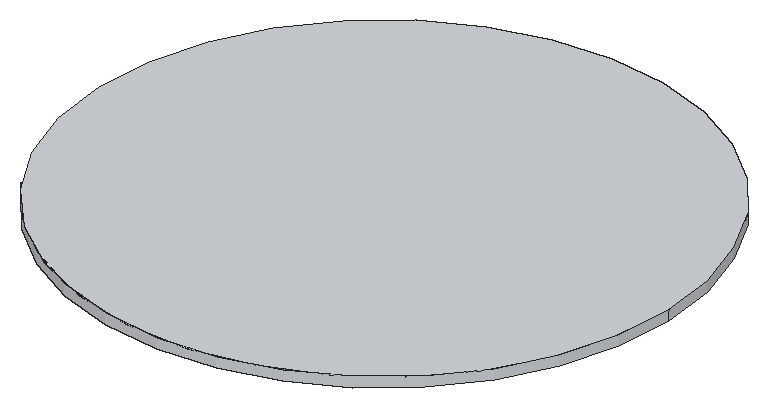
Revit family "CITY", category Lighting Fixtures, host Face, Revit 2023 (continued)
Types (10, lengths in mm): name | Radio | Photometric Web File | built-in parameter 1150142 | Manufacturer | LuxLight_Watios | LuxLight_Temperatura | LuxLight_Lumenes
    3 367.530426 353.348145 339.690308 325.325623 311.508179 297.713531 283.212067\r\n 269.348999 256.12439 240.916092 226.870636 212.209549 198.916519 184.939468 170.39238 156.529343 142.757477 128.301605 114.598167 100.256302 87.350891 74.057869 59.852802 47.563026 35.82048 22.937874 12.654593 4.811026 3.146547 2.120499\r\n 1.50487 1.322462 1.254059 1.322462 1.368064 1.322462 1.390865 1.482069 1.596075 1.687279 1.801284 1.846887 1.91529 1.983693 2.097698 2.1433 2.188903 2.280107 2.371311 2.416913 2.485316 2.599322 2.690526 2.758929 2.850133 2.964139\r\n 3.055343 3.146547 3.214951 3.283354 3.397359 3.465762 3.62537 3.648171 3.739375 3.83058 3.921784 4.05859 4.081391 4.195396 4.2638 4.355004 4.469009 4.514612 4.583014 4.674219 4.788224 4.811026 4.925031 5.016235 5.084639 5.153041 5.221445\r\n 5.358251 5.381052 5.472257 5.517859 5.609063 5.654665 5.74587 5.791471 5.837073 5.677466 5.723068 5.768671 5.837073 5.859875 5.97388 5.97388 6.042283 6.133488 6.156289 6.20189 6.224692 6.293095 6.384299 6.361498 6.452703 6.475503\r\n 6.498304 6.543907 6.566708 6.589509 6.589509 6.657912 6.657912 6.680713 6.680713 6.749116 6.680713 6.703514 6.703514 6.690688\r\n819.698364 818.968811 818.398743 817.50946 816.369446 814.955811 813.08606 811.170837 808.685486 806.131775 803.213257 799.747498 796.418518 792.656311 788.460938 784.15155 779.249329 774.666321 769.399292 763.584961 758.112732 752.207214\r\n 745.777283 739.324585 732.279114 725.552795 718.370422 710.595276 702.820068 695.044922 686.448975 678.126526 668.914917 660.159363 651.540527 641.302856 632.182373 622.44635 612.071899 601.925415 591.16333 580.560852 570.209106 558.170105\r\n 547.316833 534.958679 523.922913 512.134766 499.115387 487.099213 474.763855 461.607635 449.431854 435.4776 422.549408 410.122833 395.712524 382.510712 369.742126 355.514252 341.970428 327.035706 313.218292 299.993683 284.967743 271.788727\r\n 257.948486 243.401398 229.378738 214.76326 200.877411 187.538788 172.353271 159.10585 145.311203 130.946533 117.243095 103.038033 89.448586 76.109962 62.246914 49.341511 37.416553 24.944368 14.205066 5.221445 3.351757 2.234505 1.550473\r\n 1.345263 1.299661 1.322462 1.390865 1.413666 1.482069 1.550473 1.71008 1.801284 1.869688 1.892489 2.006494 2.074897 2.166101 2.257306 2.302908 2.371311 2.462515 2.55372 2.736128 2.850133 2.918537 2.98694 3.055343 3.123746 3.214951\r\n 3.283354 3.397359 3.465762 3.534165 3.62537 3.739375 3.83058 3.898983 4.012988 4.081391 4.172596 4.2638 4.286601 4.355004 4.423408 4.514612 4.605816 4.742622 4.788224 4.879428 4.947832 5.061837 5.084639 5.153041 5.289848 5.358251\r\n 5.449455 5.403853 5.449455 5.540659 5.609063 5.677466 5.563461 5.540659 5.654665 5.677466 5.768671 5.837073 5.859875 5.905477 5.97388 6.065084 6.156289 6.20189 6.270294 6.270294 6.338697 6.4071 6.4071 6.475503 6.521106 6.566708 6.657912\r\n 6.680713 6.680713 6.680713 6.680713 6.726315 6.726315 6.749116 6.680713 6.657912 6.680713 6.680713 6.680713 6.690688\r\n819.698364 819.538818 818.945984 818.033936 817.144653 815.708191 813.884155 811.946045 809.529114 807.020996 804.148071 800.841919 797.467346 793.819153 789.601013 785.200378 780.48053 775.874756 770.630493 764.747803 759.435181 753.780518\r\n 747.122559 740.966309 733.578735 726.55603 719.715698 711.894897 704.142578 696.527039 687.58905 679.654236 670.191772 661.778198 652.566589 642.465698 633.276855 623.677612 613.189148 603.06543 592.280579 581.632446 571.372009 559.310181\r\n 548.684875 536.189941 525.108582 513.457275 500.392242 488.239258 476.565125 462.838867 450.754303 436.822876 423.98587 411.513672 397.308624 384.038391 371.269806 357.201538 342.973663 328.586182 315.521179 301.703735 286.700623\r\n 273.544403 259.772583 245.225494 231.225632 216.63295 203.431137 189.636475 174.678986 161.477173 147.728134 133.386261 119.819618 105.546143 92.116318 78.75489 64.983047 52.556461 39.87907 27.270079 16.599178 7.752363 3.602569 2.416913\r\n 1.596075 1.299661 1.254059 1.322462 1.368064 1.413666 1.459268 1.482069 1.596075 1.687279 1.732881 1.778483 1.846887 1.938091 1.983693 2.074897 2.1433 2.188903 2.302908 2.371311 2.462515 2.576521 2.644924 2.736128 2.850133 2.918537\r\n 2.964139 3.078144 3.169348 3.260553 3.283354 3.397359 3.534165 3.579768 3.62537 3.716574 3.807778 3.876182 3.944585 3.990187 4.05859 4.195396 4.2638 4.377805 4.423408 4.537413 4.605816 4.674219 4.788224 4.856627 4.925031 4.993434\r\n 5.061837 5.061837 5.153041 5.221445 5.244246 5.33545 5.403853 5.472257 5.540659 5.609063 5.654665 5.723068 5.768671 5.859875 5.951079 5.97388 5.97388 6.042283 6.042283 6.133488 6.20189 6.224692 6.270294 6.338697 6.361498 6.4071 6.4071\r\n 6.521106 6.543907 6.589509 6.589509 6.635111 6.680713 6.635111 6.657912 6.657912 6.680713 6.680713 6.703514 6.726315 6.690688\r\n819.698364 820.108765 819.698364 818.900391 817.897156 816.68866 814.81897 812.903687 810.486755 808.001465 805.33374 802.027588 798.653015 795.141602 790.718262 786.614075 781.825806 777.014771 771.975769 766.229858 760.598022 755.034607\r\n 748.650269 742.037964 735.015198 728.129333 720.94696 713.217407 705.761475 697.849487 689.276306 680.862732 671.787903 662.963867 653.843445 644.03894 634.416931 625.205322 614.374817 604.707092 593.375 582.749695 572.39801 560.974731\r\n 549.642578 537.740417 526.111877 514.939331 501.919891 489.288116 477.477173 464.34375 451.780365 437.848907 425.58194 412.539703 398.904663 385.63446 372.227417 358.22757 345.185364 330.387482 316.706818 303.619019 288.593109 275.391296\r\n 261.551056 246.456757 233.118118 217.77301 204.229172 190.092514 175.363007 161.385956 148.20694 133.089844 120.093224 105.181328 92.20752 78.732086 65.165451 53.263294 41.497944 29.915003 19.67732 9.918465 3.990187 2.690526 1.778483\r\n 1.436467 1.368064 1.413666 1.436467 1.436467 1.550473 1.618876 1.687279 1.824085 1.869688 1.983693 2.052096 2.120499 2.188903 2.211704 2.280107 2.34851 2.462515 2.530919 2.599322 2.667725 2.78173 2.872935 2.918537 3.055343 3.146547\r\n 3.192149 3.328956 3.374558 3.465762 3.534165 3.693773 3.762176 3.85338 3.944585 4.012988 4.126993 4.195396 4.2638 4.377805 4.469009 4.583014 4.674219 4.811026 4.856627 4.925031 5.039036 5.084639 5.153041 5.267046 5.33545 5.403853\r\n 5.517859 5.609063 5.723068 5.791471 5.837073 5.905477 6.019482 6.042283 6.17909 6.20189 6.270294 6.338697 6.4071 6.4071 6.498304 6.543907 6.61231 6.680713 6.771917 6.81752 6.863122 6.863122 6.680713 6.635111 6.680713 6.657912 6.749116\r\n 6.749116 6.771917 6.81752 6.81752 6.863122 6.885923 6.885923 6.931525 6.863122 6.885923 6.885923 6.931525 6.690688\r\n819.698364 822.457336 822.115295 821.568115 820.70166 819.607178 818.033936 816.392273 814.203369 811.877625 809.4151 806.154602 803.053589 799.701904 795.643311 791.539124 786.910461 782.418701 777.448059 772.067017 766.84552 761.09967\r\n 754.464539 748.171448 741.30835 734.832825 728.106506 720.12616 712.875366 704.940613 696.527039 688.227417 678.810608 670.511047 661.504578 651.882507 642.876099 633.231262 622.423584 612.778687 601.537781 591.482483 581.267639 569.365479\r\n 558.261353 546.883606 534.890259 523.124939 510.65274 499.16098 486.871185 473.874573 461.425201 448.063782 435.203979 422.822998 408.526733 395.849365 382.465118 368.351257 355.468658 340.625153 327.49176 313.742706 299.241211 285.104553\r\n 271.606323 256.010376 242.443756 227.623062 213.440796 199.965363 185.281479 171.25882 157.327377 142.894302 129.738068 114.82618 101.943573 89.220581 74.992706 62.680138 50.116745 37.188541 25.491594 15.253914 7.273541 3.009741 1.824085\r\n 1.140053 0.820838 0.820838 0.866441 0.889242 0.866441 0.934844 0.980446 1.003247 1.07165 1.185656 1.254059 1.322462 1.482069 1.527672 1.618876 1.732881 1.755682 1.846887 1.892489 2.052096 2.188903 2.234505 2.34851 2.416913 2.530919\r\n 2.622123 2.713327 2.78173 2.850133 2.941338 3.009741 3.146547 3.214951 3.283354 3.397359 3.465762 3.62537 3.716574 3.784977 3.876182 3.944585 4.081391 4.149795 4.286601 4.377805 4.423408 4.560214 4.628617 4.674219 4.788224 4.879428\r\n 4.970633 4.993434 5.13024 5.221445 5.267046 5.358251 5.358251 5.426654 5.472257 5.609063 5.654665 5.723068 5.768671 5.837073 5.951079 5.928277 5.996681 6.087885 6.133488 6.17909 6.247493 6.315896 6.361498 6.4071 6.452703 6.475503\r\n 6.521106 6.452703 6.224692 6.17909 6.20189 6.20189 6.270294 6.224692 6.315896 6.315896 6.361498 6.384299 6.384299 6.690688\r\n819.698364 819.880798 819.698364 819.105591 818.284729 817.23584 815.708191 814.112122 811.968811 809.665894 807.271851 804.148071 801.092712 797.64978 793.682373 789.601013 785.132019 780.776978 775.874756 770.311279 765.04425 759.36676\r\n 753.119263 747.145386 740.008667 733.578735 726.55603 718.87207 711.324951 703.960144 695.181763 687.201355 677.989746 669.621765 660.66095 651.152893 641.622009 632.501587 622.218384 612.071899 601.309814 590.844055 580.127563 568.24823\r\n 557.782532 546.427551 534.411438 522.668884 510.265106 498.180542 486.437988 472.962555 461.060394 447.812958 434.953186 422.595001 408.321533 395.644135 382.898346 368.214447 354.716217 340.533966 327.468964 313.697113 299.081604\r\n 285.05896 271.62912 256.785614 242.603363 227.782669 213.76001 200.330185 185.076263 171.760437 157.8974 143.46431 130.467712 115.533012 102.741615 89.494194 75.745148 63.295765 50.504364 36.869328 25.354788 15.253914 7.273541 3.214951\r\n 1.938091 1.299661 1.026048 1.026048 1.07165 1.117252 1.140053 1.208457 1.254059 1.322462 1.390865 1.436467 1.482069 1.573274 1.596075 1.732881 1.846887 1.91529 2.006494 2.120499 2.188903 2.280107 2.416913 2.462515 2.599322 2.667725\r\n 2.736128 2.827332 2.918537 3.009741 3.100945 3.192149 3.260553 3.374558 3.465762 3.534165 3.62537 3.716574 3.83058 3.944585 4.05859 4.126993 4.195396 4.2638 4.377805 4.49181 4.605816 4.674219 4.788224 4.811026 4.947832 5.061837 5.10744\r\n 5.221445 5.289848 5.403853 5.472257 5.540659 5.654665 5.723068 5.723068 5.837073 5.951079 6.019482 6.019482 6.087885 6.133488 6.224692 6.270294 6.293095 6.361498 6.384299 6.4071 6.475503 6.521106 6.566708 6.61231 6.680713 6.635111\r\n 6.726315 6.749116 6.703514 6.498304 6.498304 6.521106 6.498304 6.498304 6.543907 6.543907 6.521106 6.566708 6.61231 6.690688\r\n819.698364 818.945984 818.649536 818.170715 817.327087 816.278259 814.682129 813.08606 810.988342 808.708313 806.268555 803.167603 799.952698 796.760559 792.679138 788.916992 784.15155 779.819336 775.213501 769.604492 764.474243 758.842346\r\n 752.663269 746.506958 739.621094 732.894775 726.236816 718.347656 710.732117 703.276184 695.022156 686.904968 677.921326 669.188599 660.797729 650.83374 641.827271 632.159607 621.921936 611.798279 601.081726 590.638855 580.446838\r\n 568.59021 558.033325 546.72406 534.137817 523.056458 510.173889 498.590942 486.324005 473.372986 461.425201 447.630554 435.40918 422.458191 408.663544 395.507324 382.761536 368.05484 355.217834 340.98996 327.400543 313.628693 299.309601\r\n 286.084991 272.199158 257.674896 244.245041 228.968323 214.968475 201.629852 186.877563 172.923309 159.653076 144.490372 131.265747 116.285446 103.266037 90.269424 74.605095 60.787651 47.061405 34.908436 25.103977 15.16271 7.25074\r\n 3.192149 2.052096 1.413666 1.140053 1.185656 1.208457 1.208457 1.27686 1.322462 1.390865 1.390865 1.50487 1.573274 1.618876 1.778483 1.824085 1.91529 1.983693 2.052096 2.188903 2.280107 2.416913 2.530919 2.622123 2.690526 2.827332\r\n 2.918537 2.98694 3.055343 3.146547 3.260553 3.328956 3.397359 3.488563 3.579768 3.62537 3.716574 3.807778 3.898983 3.990187 4.081391 4.149795 4.240999 4.332203 4.423408 4.514612 4.605816 4.674219 4.742622 4.856627 4.879428 4.993434\r\n 5.10744 5.198644 5.267046 5.358251 5.403853 5.540659 5.540659 5.654665 5.677466 5.723068 5.837073 5.928277 5.97388 6.019482 6.087885 6.156289 6.224692 6.270294 6.315896 6.384299 6.452703 6.452703 6.543907 6.589509 6.635111 6.726315\r\n 6.703514 6.749116 6.726315 6.589509 6.498304 6.521106 6.543907 6.589509 6.566708 6.680713 6.680713 6.657912 6.680713 6.680713 6.680713 6.690688\r\n819.698364 818.786316 818.467102 817.874329 817.09906 816.027405 814.476929 812.766907 810.691956 808.434692 805.8125 803.007996 799.72467 796.464111 792.337097 788.529297 783.923523 779.545715 774.711914 769.399292 763.904175 758.568726\r\n 752.116028 746.164978 739.028198 732.643921 725.963196 718.324829 710.595276 703.184937 694.953735 686.676941 677.510925 669.165771 660.273315 650.765259 641.485229 632.296387 622.149963 612.049072 601.355408 590.866882 580.629211\r\n 568.863892 557.759705 546.974854 534.479797 523.284546 510.310699 498.864563 487.12204 473.487 460.969208 447.698975 435.500427 422.663391 408.982758 395.735321 382.943939 368.396881 355.468658 340.739166 327.651337 313.85672 299.446442\r\n 285.606171 272.335968 257.72049 243.857422 229.150742 215.97171 202.154282 187.10556 173.949341 160.793137 145.698822 132.633804 117.744713 104.725304 91.819901 76.97641 63.888596 50.686771 37.53056 25.674004 14.433076 5.175843 3.100945\r\n 1.938091 1.390865 1.254059 1.208457 1.254059 1.299661 1.322462 1.390865 1.436467 1.550473 1.573274 1.664478 1.71008 1.801284 1.846887 1.938091 2.052096 2.074897 2.166101 2.257306 2.325709 2.416913 2.485316 2.599322 2.736128 2.850133\r\n 2.918537 3.078144 3.192149 3.260553 3.328956 3.397359 3.488563 3.648171 3.693773 3.784977 3.876182 3.944585 4.081391 4.149795 4.2638 4.355004 4.446208 4.49181 4.583014 4.674219 4.69702 4.788224 4.879428 4.925031 5.039036 5.084639\r\n 5.175843 5.244246 5.33545 5.472257 5.540659 5.609063 5.677466 5.723068 5.791471 5.859875 5.951079 6.019482 6.087885 6.156289 6.17909 6.270294 6.315896 6.338697 6.384299 6.452703 6.452703 6.4071 6.293095 6.293095 6.247493 6.315896\r\n 6.4071 6.4071 6.452703 6.521106 6.543907 6.543907 6.589509 6.61231 6.657912 6.726315 6.726315 6.749116 6.749116 6.794719 6.690688\r\n819.698364 818.945984 818.649536 817.965515 817.16748 816.095825 814.568176 812.858093 810.669189 808.434692 805.8125 802.666016 799.496704 796.12207 792.063538 788.073303 783.558655 779.044128 774.369873 768.738037 763.516541 757.839111\r\n 751.637207 745.366882 738.572205 732.210693 725.302002 717.344421 710.139282 702.478088 694.110107 686.312195 676.986511 668.34491 659.840088 649.853271 640.869629 631.429993 621.169495 611.570251 600.443359 590.388062 579.694336\r\n 567.83783 557.303711 546.017151 534.023804 522.326904 509.877502 497.838501 486.073181 473.099365 460.60437 447.311371 434.451569 421.500549 407.774292 395.028503 381.68988 367.576019 353.986572 339.804321 326.100891 312.899048 298.465973\r\n 284.557343 271.287109 256.010376 242.717361 228.056274 214.170441 200.923019 185.783096 172.53569 158.695435 143.509933 130.330902 115.897835 102.878418 89.425789 75.44873 62.292519 49.957142 36.778126 24.579552 12.335378 4.856627\r\n 3.078144 1.938091 1.390865 1.254059 1.208457 1.299661 1.322462 1.345263 1.436467 1.482069 1.50487 1.596075 1.618876 1.778483 1.846887 1.892489 1.983693 2.074897 2.120499 2.188903 2.280107 2.34851 2.462515 2.530919 2.599322 2.667725\r\n 2.804531 2.895736 2.98694 3.078144 3.123746 3.260553 3.328956 3.374558 3.442961 3.602569 3.648171 3.716574 3.876182 3.990187 4.012988 4.126993 4.172596 4.195396 4.286601 4.446208 4.514612 4.583014 4.719821 4.788224 4.856627 4.947832\r\n 5.016235 5.084639 5.153041 5.221445 5.267046 5.381052 5.403853 5.540659 5.654665 5.677466 5.723068 5.768671 5.859875 5.928277 5.996681 5.996681 6.065084 6.133488 6.20189 6.270294 6.293095 6.338697 6.338697 6.338697 6.338697 6.4071\r\n 6.4071 6.452703 6.566708 6.566708 6.589509 6.61231 6.657912 6.703514 6.680713 6.703514 6.726315 6.749116 6.749116 6.749116 6.749116 6.690688\r\n" | "" | 30 W | 3000 K | 2280 lm
